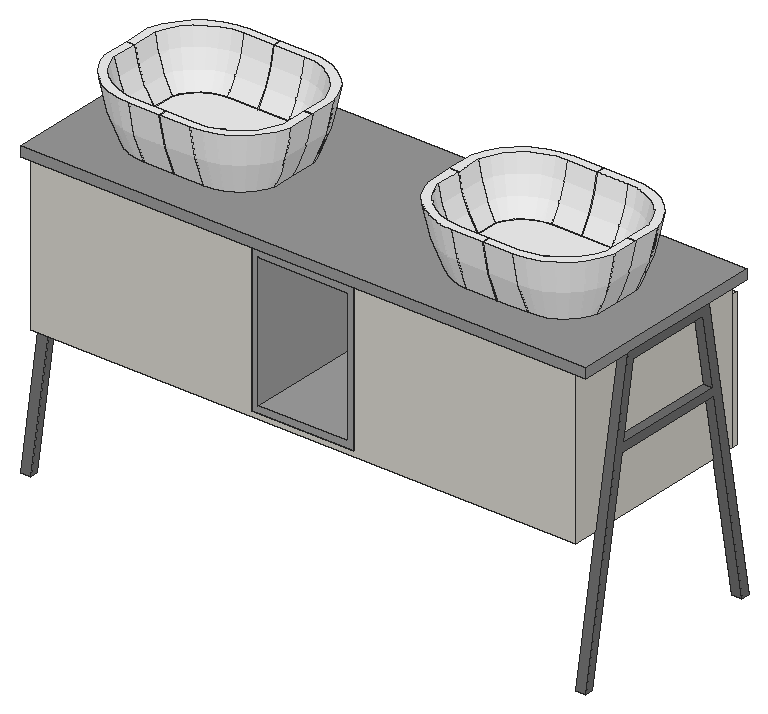
Revit family "LM0166851_Mueble Plus 140 cm con 2 Lavamanos Cascade", category Plumbing Fixtures, host Wall, Revit 2019
Family settings
  Host = Wall
  Round Connector Dimension = Use Diameter
  Part Type = Normal
  OmniClass Number = 23.45.05.14.14
  OmniClass Title = Sinks/Lavatories
  Always vertical = Yes
  Cut with Voids When Loaded = No
  Shared = No
  Room Calculation Point = No
Parameters (values of type "Type 1")
  URL = "https://corona.co/productos/muebles-para-banos/mueble-plus-140-cm-con-2-lavamanos-cascade/p/LM0166851"
  Resistencia a la humedad = "8%"  # constant formula
  Referencia = "LM0166851"  # constant formula
  Profundidad = 500 mm
  Peso Neto aprox = "116,8 lb (53 kg)"  # constant formula
  Peso Bruto aprox = "129,0 lb (58,5 kg)"  # constant formula
  Garantía = "5 años"  # constant formula
  Fecha de creación = "24/07/2020"  # constant formula
  Fabricante = "Corona"  # constant formula
  Dimensiones generales producto (H * W * D) = "28,54” x 55,12” x 19,69” (725 x 1400 x 500 mm)"  # constant formula
  Creado por = "IDD"  # constant formula
  Ancho = 1400 mm
  Alto = 875 mm
  Acabado = Cubo
Reference planes
  plane 1: y = 0
  plane 2 "Center (Left/Right)": x = 125
  plane 3 "Back": y = 75
  plane 4: x = -575
  plane 5: x = 825
  plane 6: y = 575
  plane 7: z = 725
  plane 8: z = 875
  plane 9: x = 800
  plane 10: x = -550
  plane 11: z = 325
  plane 12: x = 251
  plane 13: x = -1
  plane 14: z = 340
  plane 15: x = 236
  plane 16: x = 14
  plane 17: z = 355
  plane 18: y = 560
  plane 19: z = 700
  plane 20: z = 665
  plane 21: x = 525.5
  plane 22: y = 317.5
  plane 23: x = 755.5
  plane 24: x = 295.5
  plane 25: x = -505.5
  plane 26: x = -45.5
  plane 27: x = -275.5
  plane 28: z = 450
  plane 29: z = 550
  plane 30: x = 425.5
  plane 31: x = 625.5
  plane 32: x = -375.5
  plane 33: x = -175.5
Forms (mm)
  Extrusion 1, solid, material "Corona_Madera_Coñac", detail levels medium+fine
    sketch origin (0, 0, 0) x (1, 0, 0) y (0, 1, 0)
      loop
        line (-575, 575) -> (-575, 75) -> (825, 75) -> (825, 575) -> (-575, 575)
    from 700 to 725
  Extrusion 2, solid, material "Corona_Madera_Taupe", detail levels medium+fine
    sketch origin (0, 75, 0) x (1, 0, 0) y (0, 0, 1)
      loop
        line (800, 700) -> (251, 700) -> (251, 340) -> (-1, 340) -> (-1, 700) -> (-550, 700) -> (-550, 325) -> (800, 325) -> (800, 700)
    from -485 to 0
  Extrusion 3, solid, material "Corona_Madera_Aglomerada_Plomo", detail levels medium+fine
    sketch origin (0, 75, 0) x (1, 0, 0) y (0, 0, 1)
      loop
        line (251, 700) -> (-1, 700) -> (-1, 340) -> (251, 340) -> (251, 700)
      loop
        line (236, 685) -> (14, 685) -> (14, 355) -> (236, 355) -> (236, 685)
    from -485 to 0
  Extrusion 4, solid, material "Corona_Madera_Taupe", detail levels medium+fine
    sketch origin (0, 0, 0) x (1, 0, 0) y (0, 1, 0)
      loop
        line (-550, 575) -> (-550, 560) -> (-1, 560) -> (-1, 575) -> (-550, 575)
    from 325 to 665
  Extrusion 5, solid, material "Corona_Madera_Taupe", detail levels medium+fine
    sketch origin (801, 0, 0) x (1, 0, 0) y (0, 1, 0)
      loop
        line (-550, 575) -> (-550, 560) -> (-1, 560) -> (-1, 575) -> (-550, 575)
    from 325 to 665
  Extrusion 6, solid, material "Corona_Madera_Onix", detail levels medium+fine
    sketch origin (100, 0, 0) x (0, 1, 0) y (0, 0, 1)
      loop
        line (455, 700) -> (205, 700) -> (75, 0) -> (95.342, 0) -> (186.02, 488.266) -> (472.026, 488.266) -> (558.12, 0) -> (578.429, 0) -> (455, 700)
      loop
        line (438.218, 680) -> (221.628, 680) -> (189.734, 508.266) -> (468.499, 508.266) -> (438.218, 680)
    from 700 to 725
  Extrusion 7, solid, material "Corona_Madera_Onix", detail levels medium+fine
    sketch origin (-1275, 0, 0) x (0, 1, 0) y (0, 0, 1)
      loop
        line (455, 700) -> (205, 700) -> (75, 0) -> (95.342, 0) -> (186.02, 488.266) -> (472.026, 488.266) -> (558.12, 0) -> (578.429, 0) -> (455, 700)
      loop
        line (438.218, 680) -> (221.628, 680) -> (189.734, 508.266) -> (468.499, 508.266) -> (438.218, 680)
    from 700 to 725
  Sweep 8, solid, material "Corona_Cerámica_Sinterizada", detail levels medium+fine
    path origin (0, 0, 875) x (1, 0, 0) y (0, 1, 0)
      loop
        line (525.5, 505) -> (600.5, 505)
        arc (600.5, 505) -> (698.849, 471.136) -> (755.5, 383.901) r 159.745
        line (755.5, 383.901) -> (755.5, 317.5)
    profile origin (563, 505, 875) x (0, 1, 0) y (0, 0, 1)
      loop
        line (0, 0) -> (-20.179, 0)
        arc (-20.179, 0) -> (-36.72, -63.778) -> (-67.685, -121.937) r 280.472
        line (-67.685, -121.937) -> (-67.685, -150) -> (-45.29, -150)
        arc (-45.29, -150) -> (-16.525, -76.848) -> (0, 0) r 483.194
  Extrusion 9, solid, material "Corona_Cerámica_Sinterizada", detail levels medium+fine
    sketch origin (0, 0, 0) x (1, 0, 0) y (0, 1, 0)
      loop
        arc (450.5, 437.315) -> (396.698, 419.958) -> (363.185, 374.43) r 92.061
        line (363.185, 374.43) -> (363.185, 317.5) -> (363.185, 260.57)
        arc (363.185, 260.57) -> (396.698, 215.042) -> (450.5, 197.685) r 92.061
        line (450.5, 197.685) -> (525.5, 197.685) -> (600.5, 197.685)
        arc (600.5, 197.685) -> (654.302, 215.042) -> (687.815, 260.57) r 92.061
        line (687.815, 260.57) -> (687.815, 317.5) -> (687.815, 374.43)
        arc (687.815, 374.43) -> (654.302, 419.958) -> (600.5, 437.315) r 92.061
        line (600.5, 437.315) -> (525.5, 437.315) -> (450.5, 437.315)
    from 725 to 753.063
  Sweep 10, solid, material "Corona_Cerámica_Sinterizada", detail levels medium+fine
    path origin (1051, 0, 875) x (-1, 0, 0) y (0, -1, 0)
      loop
        line (525.5, -505) -> (600.5, -505)
        arc (600.5, -505) -> (698.849, -471.136) -> (755.5, -383.901) r 159.745
        line (755.5, -383.901) -> (755.5, -317.5)
    profile origin (488, 505, 875) x (0, -1, 0) y (0, 0, 1)
      loop
        arc (0, 0) -> (16.525, -76.848) -> (45.29, -150) r 483.194
        line (45.29, -150) -> (67.685, -150) -> (67.685, -121.937)
        arc (67.685, -121.937) -> (36.72, -63.778) -> (20.179, 0) r 280.472
        line (20.179, 0) -> (0, 0)
  Sweep 11, solid, material "Corona_Cerámica_Sinterizada", detail levels medium+fine
    path origin (1051, 635, 875) x (-1, 0, 0) y (0, -1, 0)
      loop
        line (525.5, 505) -> (600.5, 505)
        arc (600.5, 505) -> (698.849, 471.136) -> (755.5, 383.901) r 159.745
        line (755.5, 383.901) -> (755.5, 317.5)
    profile origin (488, 130, 875) x (0, -1, 0) y (0, 0, 1)
      loop
        line (0, 0) -> (-20.179, 0)
        arc (-20.179, 0) -> (-36.72, -63.778) -> (-67.685, -121.937) r 280.472
        line (-67.685, -121.937) -> (-67.685, -150) -> (-45.29, -150)
        arc (-45.29, -150) -> (-16.525, -76.848) -> (0, 0) r 483.194
  Sweep 12, solid, material "Corona_Cerámica_Sinterizada", detail levels medium+fine
    path origin (0, 635, 875) x (1, 0, 0) y (0, 1, 0)
      loop
        line (525.5, -505) -> (600.5, -505)
        arc (600.5, -505) -> (698.849, -471.136) -> (755.5, -383.901) r 159.745
        line (755.5, -383.901) -> (755.5, -317.5)
    profile origin (563, 130, 875) x (0, 1, 0) y (0, 0, 1)
      loop
        arc (0, 0) -> (16.525, -76.848) -> (45.29, -150) r 483.194
        line (45.29, -150) -> (67.685, -150) -> (67.685, -121.937)
        arc (67.685, -121.937) -> (36.72, -63.778) -> (20.179, 0) r 280.472
        line (20.179, 0) -> (0, 0)
  Extrusion 13, void, detail levels medium+fine
    sketch origin (0, 0, 0) x (1, 0, 0) y (0, 1, 0)
      loop
        circle (525.5, 317.5) r 17
    from 700 to 768.608
  Sweep 14, solid, material "Corona_Cerámica_Sinterizada", not visible, detail levels medium+fine
    path origin (0, 0, 875) x (1, 0, 0) y (0, 1, 0)
      loop
        line (525.5, 505) -> (600.5, 505)
        arc (600.5, 505) -> (698.849, 471.136) -> (755.5, 383.901) r 159.745
        line (755.5, 383.901) -> (755.5, 317.5)
    profile origin (563, 505, 875) x (0, 1, 0) y (0, 0, 1)
      loop
        line (0, 0) -> (-20.179, 0)
        arc (-20.179, 0) -> (-36.72, -63.778) -> (-67.685, -121.937) r 280.472
        line (-67.685, -121.937) -> (-67.685, -150) -> (-45.29, -150)
        arc (-45.29, -150) -> (-16.525, -76.848) -> (0, 0) r 483.194
  Extrusion 15, solid, material "Corona_Cerámica_Sinterizada", not visible, detail levels medium+fine
    sketch origin (0, 0, 0) x (1, 0, 0) y (0, 1, 0)
      loop
        arc (450.5, 437.315) -> (396.698, 419.958) -> (363.185, 374.43) r 92.061
        line (363.185, 374.43) -> (363.185, 317.5) -> (363.185, 260.57)
        arc (363.185, 260.57) -> (396.698, 215.042) -> (450.5, 197.685) r 92.061
        line (450.5, 197.685) -> (525.5, 197.685) -> (600.5, 197.685)
        arc (600.5, 197.685) -> (654.302, 215.042) -> (687.815, 260.57) r 92.061
        line (687.815, 260.57) -> (687.815, 317.5) -> (687.815, 374.43)
        arc (687.815, 374.43) -> (654.302, 419.958) -> (600.5, 437.315) r 92.061
        line (600.5, 437.315) -> (525.5, 437.315) -> (450.5, 437.315)
    from 725 to 753.063
  Sweep 16, solid, material "Corona_Cerámica_Sinterizada", not visible, detail levels medium+fine
    path origin (1051, 0, 875) x (-1, 0, 0) y (0, -1, 0)
      loop
        line (525.5, -505) -> (600.5, -505)
        arc (600.5, -505) -> (698.849, -471.136) -> (755.5, -383.901) r 159.745
        line (755.5, -383.901) -> (755.5, -317.5)
    profile origin (488, 505, 875) x (0, -1, 0) y (0, 0, 1)
      loop
        arc (0, 0) -> (16.525, -76.848) -> (45.29, -150) r 483.194
        line (45.29, -150) -> (67.685, -150) -> (67.685, -121.937)
        arc (67.685, -121.937) -> (36.72, -63.778) -> (20.179, 0) r 280.472
        line (20.179, 0) -> (0, 0)
  Sweep 17, solid, material "Corona_Cerámica_Sinterizada", not visible, detail levels medium+fine
    path origin (1051, 635, 875) x (-1, 0, 0) y (0, -1, 0)
      loop
        line (525.5, 505) -> (600.5, 505)
        arc (600.5, 505) -> (698.849, 471.136) -> (755.5, 383.901) r 159.745
        line (755.5, 383.901) -> (755.5, 317.5)
    profile origin (488, 130, 875) x (0, -1, 0) y (0, 0, 1)
      loop
        line (0, 0) -> (-20.179, 0)
        arc (-20.179, 0) -> (-36.72, -63.778) -> (-67.685, -121.937) r 280.472
        line (-67.685, -121.937) -> (-67.685, -150) -> (-45.29, -150)
        arc (-45.29, -150) -> (-16.525, -76.848) -> (0, 0) r 483.194
  Sweep 18, solid, material "Corona_Cerámica_Sinterizada", not visible, detail levels medium+fine
    path origin (0, 635, 875) x (1, 0, 0) y (0, 1, 0)
      loop
        line (525.5, -505) -> (600.5, -505)
        arc (600.5, -505) -> (698.849, -471.136) -> (755.5, -383.901) r 159.745
        line (755.5, -383.901) -> (755.5, -317.5)
    profile origin (563, 130, 875) x (0, 1, 0) y (0, 0, 1)
      loop
        arc (0, 0) -> (16.525, -76.848) -> (45.29, -150) r 483.194
        line (45.29, -150) -> (67.685, -150) -> (67.685, -121.937)
        arc (67.685, -121.937) -> (36.72, -63.778) -> (20.179, 0) r 280.472
        line (20.179, 0) -> (0, 0)
  Extrusion 19, void, not visible, detail levels medium+fine
    sketch origin (0, 0, 0) x (1, 0, 0) y (0, 1, 0)
      loop
        circle (525.5, 317.5) r 17
    from 700 to 768.608
  Sweep 20, solid, material "Corona_Cerámica_Sinterizada", detail levels medium+fine
    path origin (-801, 0, 875) x (1, 0, 0) y (0, 1, 0)
      loop
        line (525.5, 505) -> (600.5, 505)
        arc (600.5, 505) -> (698.849, 471.136) -> (755.5, 383.901) r 159.745
        line (755.5, 383.901) -> (755.5, 317.5)
    profile origin (-238, 505, 875) x (0, 1, 0) y (0, 0, 1)
      loop
        line (0, 0) -> (-20.179, 0)
        arc (-20.179, 0) -> (-36.72, -63.778) -> (-67.685, -121.937) r 280.472
        line (-67.685, -121.937) -> (-67.685, -150) -> (-45.29, -150)
        arc (-45.29, -150) -> (-16.525, -76.848) -> (0, 0) r 483.194
  Extrusion 21, solid, material "Corona_Cerámica_Sinterizada", detail levels medium+fine
    sketch origin (-801, 0, 0) x (1, 0, 0) y (0, 1, 0)
      loop
        arc (450.5, 437.315) -> (396.698, 419.958) -> (363.185, 374.43) r 92.061
        line (363.185, 374.43) -> (363.185, 317.5) -> (363.185, 260.57)
        arc (363.185, 260.57) -> (396.698, 215.042) -> (450.5, 197.685) r 92.061
        line (450.5, 197.685) -> (525.5, 197.685) -> (600.5, 197.685)
        arc (600.5, 197.685) -> (654.302, 215.042) -> (687.815, 260.57) r 92.061
        line (687.815, 260.57) -> (687.815, 317.5) -> (687.815, 374.43)
        arc (687.815, 374.43) -> (654.302, 419.958) -> (600.5, 437.315) r 92.061
        line (600.5, 437.315) -> (525.5, 437.315) -> (450.5, 437.315)
    from 725 to 753.063
  Sweep 22, solid, material "Corona_Cerámica_Sinterizada", detail levels medium+fine
    path origin (250, 0, 875) x (-1, 0, 0) y (0, -1, 0)
      loop
        line (525.5, -505) -> (600.5, -505)
        arc (600.5, -505) -> (698.849, -471.136) -> (755.5, -383.901) r 159.745
        line (755.5, -383.901) -> (755.5, -317.5)
    profile origin (-313, 505, 875) x (0, -1, 0) y (0, 0, 1)
      loop
        arc (0, 0) -> (16.525, -76.848) -> (45.29, -150) r 483.194
        line (45.29, -150) -> (67.685, -150) -> (67.685, -121.937)
        arc (67.685, -121.937) -> (36.72, -63.778) -> (20.179, 0) r 280.472
        line (20.179, 0) -> (0, 0)
  Sweep 23, solid, material "Corona_Cerámica_Sinterizada", detail levels medium+fine
    path origin (250, 635, 875) x (-1, 0, 0) y (0, -1, 0)
      loop
        line (525.5, 505) -> (600.5, 505)
        arc (600.5, 505) -> (698.849, 471.136) -> (755.5, 383.901) r 159.745
        line (755.5, 383.901) -> (755.5, 317.5)
    profile origin (-313, 130, 875) x (0, -1, 0) y (0, 0, 1)
      loop
        line (0, 0) -> (-20.179, 0)
        arc (-20.179, 0) -> (-36.72, -63.778) -> (-67.685, -121.937) r 280.472
        line (-67.685, -121.937) -> (-67.685, -150) -> (-45.29, -150)
        arc (-45.29, -150) -> (-16.525, -76.848) -> (0, 0) r 483.194
  Sweep 24, solid, material "Corona_Cerámica_Sinterizada", detail levels medium+fine
    path origin (-801, 635, 875) x (1, 0, 0) y (0, 1, 0)
      loop
        line (525.5, -505) -> (600.5, -505)
        arc (600.5, -505) -> (698.849, -471.136) -> (755.5, -383.901) r 159.745
        line (755.5, -383.901) -> (755.5, -317.5)
    profile origin (-238, 130, 875) x (0, 1, 0) y (0, 0, 1)
      loop
        arc (0, 0) -> (16.525, -76.848) -> (45.29, -150) r 483.194
        line (45.29, -150) -> (67.685, -150) -> (67.685, -121.937)
        arc (67.685, -121.937) -> (36.72, -63.778) -> (20.179, 0) r 280.472
        line (20.179, 0) -> (0, 0)
  Extrusion 25, void, detail levels medium+fine
    sketch origin (-801, 0, 0) x (1, 0, 0) y (0, 1, 0)
      loop
        circle (525.5, 317.5) r 17
    from 700 to 768.608
  Extrusion 26, solid, material "Cubo", detail levels coarse
    sketch origin (0, 0, 0) x (1, 0, 0) y (0, 1, 0)
      loop
        line (-575, 578.429) -> (-575, 75) -> (825, 75) -> (825, 578.429) -> (-575, 578.429)
    from 0 to 875
Cuts and joins
  Extrusion 13, Extrusion 25 cuts Extrusion 1
  Extrusion 13, Extrusion 25 cuts Extrusion 2
  Extrusion 13, Extrusion 25 cuts Extrusion 9
  Extrusion 25 cuts Extrusion 21
Text (mm)
  text "Placement side" at (-1787.139, 592.35, 0), in view "Ref. Level"
  text "Placement side" at (0, 1827.695, 2917.686), in view "Left"
  text "Placement side" at (0, 562.268, 3853.606), in view "Right"
Dimensions and locks
  locked: plane 3 "Back" to host wall at 0
  equal spacing: plane 4, plane 2 "Center (Left/Right)", plane 5
  plane 4 to plane 5 = 1400 mm
  plane 3 "Back" to plane 6 = 500 mm
  level to plane 7 = 725 mm
  plane 7 to plane 8 = 150 mm
  "Alto": level to plane 8
  plane 12 to plane 21 to Extrusion 5 = 274.5 mm, 274.5 mm
  locked: Extrusion 3 to Extrusion 2 at 549
  "Profundidad": plane 6 to plane 3 "Back"
  "Ancho": plane 4 to plane 5
  plane 6 to plane 3 "Back" = 500 mm
  level to plane 28 = 450 mm
  level to plane 29 = 550 mm
  aligned and locked: host wall to plane 1
Automatic sketch dimensions
  Extrusion 1 sketch curve to host wall = 0 mm
  Extrusion 1 sketch curve to plane 4 = 0 mm
  Extrusion 1 sketch curve to plane 5 = 0 mm
  Extrusion 1 sketch curve to plane 6 = 0 mm
  Extrusion 4 sketch curve to plane 10 = 0 mm
  Extrusion 4 sketch curve to plane 13 = 0 mm
  Extrusion 4 sketch curve to plane 18 = 0 mm
  Extrusion 4 sketch curve to plane 6 = 0 mm
  Extrusion 6 sketch curve to host wall = 0 mm
  Extrusion 6 sketch curve to level = 0 mm  (x2)
  Extrusion 6 sketch curve to plane 19 = 0 mm
  Extrusion 6 sketch curve to Extrusion 6 sketch curve = 20.342 mm
  host wall to Extrusion 6 sketch curve = 111.02 mm
  Extrusion 6 sketch curve to Extrusion 6 sketch curve = 3.714 mm
  plane 22 to Extrusion 6 sketch curve = 112.5 mm
  Extrusion 6 sketch curve to Extrusion 6 sketch curve = 16.628 mm
  plane 20 to Extrusion 6 sketch curve = 15 mm
  Extrusion 6 sketch curve to plane 22 = 120.718 mm
  Extrusion 6 sketch curve to Extrusion 6 sketch curve = 16.782 mm
  Extrusion 6 sketch curve to plane 18 = 91.501 mm
  Extrusion 6 sketch curve to Extrusion 6 sketch curve = 3.527 mm
  Extrusion 6 sketch curve to plane 18 = 1.88 mm
  plane 6 to Extrusion 6 sketch curve = 3.429 mm
  plane 17 to Extrusion 6 sketch curve = 133.266 mm
  Extrusion 6 sketch curve to Extrusion 6 sketch curve = 20 mm
  Extrusion 7 sketch curve to host wall = 0 mm
  Extrusion 7 sketch curve to level = 0 mm  (x2)
  Extrusion 7 sketch curve to plane 19 = 0 mm
  Extrusion 7 sketch curve to Extrusion 7 sketch curve = 20.342 mm
  host wall to Extrusion 7 sketch curve = 111.02 mm
  Extrusion 7 sketch curve to Extrusion 7 sketch curve = 3.714 mm
  plane 22 to Extrusion 7 sketch curve = 112.5 mm
  Extrusion 7 sketch curve to Extrusion 7 sketch curve = 16.628 mm
  plane 20 to Extrusion 7 sketch curve = 15 mm
  Extrusion 7 sketch curve to plane 22 = 120.718 mm
  Extrusion 7 sketch curve to Extrusion 7 sketch curve = 16.782 mm
  Extrusion 7 sketch curve to plane 18 = 91.501 mm
  Extrusion 7 sketch curve to Extrusion 7 sketch curve = 3.527 mm
  Extrusion 7 sketch curve to plane 18 = 1.88 mm
  plane 6 to Extrusion 7 sketch curve = 3.429 mm
  plane 17 to Extrusion 7 sketch curve = 133.266 mm
  Extrusion 7 sketch curve to Extrusion 7 sketch curve = 20 mm
  Sweep 8 sketch curve to Sweep 8 sketch curve = 66.401 mm
  Sweep 8 sketch curve to profile plane = 0 mm  (x2)
  profile plane to Sweep 8 sketch curve = 20.179 mm
  profile plane to Sweep 8 sketch curve = 45.29 mm
  Sweep 8 sketch curve to Sweep 8 sketch curve = 22.394 mm
  profile plane to Sweep 8 sketch curve = 38.037 mm
  Sweep 8 sketch curve to Sweep 8 sketch curve = 277.88 mm
  profile plane to Sweep 8 sketch curve = 62.818 mm
  Sweep 8 sketch curve to Sweep 8 sketch curve = 181.034 mm
  Extrusion 9 sketch curve to Extrusion 9 sketch curve = 0 mm
  Extrusion 9 sketch curve to Extrusion 9 sketch curve = 56.93 mm  (x3)
  Sweep 10 sketch curve to profile plane = 0 mm  (x2)
  Sweep 10 sketch curve to profile plane = 20.179 mm
  Sweep 10 sketch curve to profile plane = 45.29 mm
  Sweep 10 sketch curve to Sweep 10 sketch curve = 22.394 mm
  profile plane to Sweep 10 sketch curve = 38.037 mm
  Sweep 10 sketch curve to Sweep 10 sketch curve = 277.88 mm
  profile plane to Sweep 10 sketch curve = 62.818 mm
  Sweep 10 sketch curve to Sweep 10 sketch curve = 181.034 mm
  Sweep 11 sketch curve to profile plane = 0 mm  (x2)
  profile plane to Sweep 11 sketch curve = 20.179 mm
  profile plane to Sweep 11 sketch curve = 45.29 mm
  Sweep 11 sketch curve to Sweep 11 sketch curve = 22.394 mm
  profile plane to Sweep 11 sketch curve = 38.037 mm
  Sweep 11 sketch curve to Sweep 11 sketch curve = 277.88 mm
  profile plane to Sweep 11 sketch curve = 62.818 mm
  Sweep 11 sketch curve to Sweep 11 sketch curve = 181.034 mm
  Sweep 12 sketch curve to profile plane = 0 mm  (x2)
  Sweep 12 sketch curve to profile plane = 20.179 mm
  Sweep 12 sketch curve to profile plane = 45.29 mm
  Sweep 12 sketch curve to Sweep 12 sketch curve = 22.394 mm
  profile plane to Sweep 12 sketch curve = 38.037 mm
  Sweep 12 sketch curve to Sweep 12 sketch curve = 277.88 mm
  profile plane to Sweep 12 sketch curve = 62.818 mm
  Sweep 12 sketch curve to Sweep 12 sketch curve = 181.034 mm
  Sweep 8 sketch curve to Sweep 8 sketch curve = 155 mm
  Sweep 8 sketch curve to Sweep 8 sketch curve = 38.646 mm
  Sweep 8 sketch curve to Sweep 8 sketch curve = 75 mm
  Extrusion 9 sketch curve to Extrusion 9 sketch curve = 87.315 mm  (x2)
  Extrusion 9 sketch curve to Extrusion 9 sketch curve = 75 mm  (x4)
  Extrusion 9 sketch curve to Extrusion 9 sketch curve = 62.886 mm  (x2)
  Extrusion 9 sketch curve to Extrusion 9 sketch curve = 55.51 mm  (x2)
  Sweep 10 sketch curve to Sweep 10 sketch curve = 155 mm
  Sweep 10 sketch curve to Sweep 10 sketch curve = 121.099 mm
  Sweep 10 sketch curve to Sweep 10 sketch curve = 75 mm
  Sweep 10 sketch curve to Sweep 10 sketch curve = 66.401 mm
  Sweep 11 sketch curve to Sweep 11 sketch curve = 155 mm
  Sweep 11 sketch curve to Sweep 11 sketch curve = 38.646 mm
  Sweep 11 sketch curve to Sweep 11 sketch curve = 75 mm
  Sweep 11 sketch curve to Sweep 11 sketch curve = 66.401 mm
  Sweep 12 sketch curve to Sweep 12 sketch curve = 155 mm
  Sweep 12 sketch curve to Sweep 12 sketch curve = 121.099 mm
  Sweep 12 sketch curve to Sweep 12 sketch curve = 75 mm
  Sweep 12 sketch curve to Sweep 12 sketch curve = 66.401 mm
  Sweep 14 sketch curve to Sweep 14 sketch curve = 66.401 mm
  Sweep 14 sketch curve to profile plane = 0 mm  (x2)
  profile plane to Sweep 14 sketch curve = 20.179 mm
  profile plane to Sweep 14 sketch curve = 45.29 mm
  Sweep 14 sketch curve to Sweep 14 sketch curve = 22.394 mm
  profile plane to Sweep 14 sketch curve = 38.037 mm
  Sweep 14 sketch curve to Sweep 14 sketch curve = 277.88 mm
  profile plane to Sweep 14 sketch curve = 62.818 mm
  Sweep 14 sketch curve to Sweep 14 sketch curve = 181.034 mm
  Extrusion 15 sketch curve to Extrusion 15 sketch curve = 0 mm
  Extrusion 15 sketch curve to Extrusion 15 sketch curve = 56.93 mm  (x3)
  Sweep 16 sketch curve to profile plane = 0 mm  (x2)
  Sweep 16 sketch curve to profile plane = 20.179 mm
  Sweep 16 sketch curve to profile plane = 45.29 mm
  Sweep 16 sketch curve to Sweep 16 sketch curve = 22.394 mm
  profile plane to Sweep 16 sketch curve = 38.037 mm
  Sweep 16 sketch curve to Sweep 16 sketch curve = 277.88 mm
  profile plane to Sweep 16 sketch curve = 62.818 mm
  Sweep 16 sketch curve to Sweep 16 sketch curve = 181.034 mm
  Sweep 17 sketch curve to profile plane = 0 mm  (x2)
  profile plane to Sweep 17 sketch curve = 20.179 mm
  profile plane to Sweep 17 sketch curve = 45.29 mm
  Sweep 17 sketch curve to Sweep 17 sketch curve = 22.394 mm
  profile plane to Sweep 17 sketch curve = 38.037 mm
  Sweep 17 sketch curve to Sweep 17 sketch curve = 277.88 mm
  profile plane to Sweep 17 sketch curve = 62.818 mm
  Sweep 17 sketch curve to Sweep 17 sketch curve = 181.034 mm
  Sweep 18 sketch curve to profile plane = 0 mm  (x2)
  Sweep 18 sketch curve to profile plane = 20.179 mm
  Sweep 18 sketch curve to profile plane = 45.29 mm
  Sweep 18 sketch curve to Sweep 18 sketch curve = 22.394 mm
  profile plane to Sweep 18 sketch curve = 38.037 mm
  Sweep 18 sketch curve to Sweep 18 sketch curve = 277.88 mm
  profile plane to Sweep 18 sketch curve = 62.818 mm
  Sweep 18 sketch curve to Sweep 18 sketch curve = 181.034 mm
  Sweep 14 sketch curve to Sweep 14 sketch curve = 155 mm
  Sweep 14 sketch curve to Sweep 14 sketch curve = 38.646 mm
  Sweep 14 sketch curve to Sweep 14 sketch curve = 75 mm
  Extrusion 15 sketch curve to Extrusion 15 sketch curve = 87.315 mm  (x2)
  Extrusion 15 sketch curve to Extrusion 15 sketch curve = 75 mm  (x4)
  Extrusion 15 sketch curve to Extrusion 15 sketch curve = 62.886 mm  (x2)
  Extrusion 15 sketch curve to Extrusion 15 sketch curve = 55.51 mm  (x2)
  Sweep 16 sketch curve to Sweep 16 sketch curve = 155 mm
  Sweep 16 sketch curve to Sweep 16 sketch curve = 121.099 mm
  Sweep 16 sketch curve to Sweep 16 sketch curve = 75 mm
  Sweep 16 sketch curve to Sweep 16 sketch curve = 66.401 mm
  Sweep 17 sketch curve to Sweep 17 sketch curve = 155 mm
  Sweep 17 sketch curve to Sweep 17 sketch curve = 38.646 mm
  Sweep 17 sketch curve to Sweep 17 sketch curve = 75 mm
  Sweep 17 sketch curve to Sweep 17 sketch curve = 66.401 mm
  Sweep 18 sketch curve to Sweep 18 sketch curve = 155 mm
  Sweep 18 sketch curve to Sweep 18 sketch curve = 121.099 mm
  Sweep 18 sketch curve to Sweep 18 sketch curve = 75 mm
  Sweep 18 sketch curve to Sweep 18 sketch curve = 66.401 mm
  Sweep 20 sketch curve to Sweep 20 sketch curve = 66.401 mm
  Sweep 20 sketch curve to profile plane = 0 mm  (x2)
  profile plane to Sweep 20 sketch curve = 20.179 mm
  profile plane to Sweep 20 sketch curve = 45.29 mm
  Sweep 20 sketch curve to Sweep 20 sketch curve = 22.394 mm
  profile plane to Sweep 20 sketch curve = 38.037 mm
  Sweep 20 sketch curve to Sweep 20 sketch curve = 277.88 mm
  profile plane to Sweep 20 sketch curve = 62.818 mm
  Sweep 20 sketch curve to Sweep 20 sketch curve = 181.034 mm
  Extrusion 21 sketch curve to Extrusion 21 sketch curve = 0 mm
  Extrusion 21 sketch curve to Extrusion 21 sketch curve = 56.93 mm  (x3)
  Sweep 22 sketch curve to profile plane = 0 mm  (x2)
  Sweep 22 sketch curve to profile plane = 20.179 mm
  Sweep 22 sketch curve to profile plane = 45.29 mm
  Sweep 22 sketch curve to Sweep 22 sketch curve = 22.394 mm
  profile plane to Sweep 22 sketch curve = 38.037 mm
  Sweep 22 sketch curve to Sweep 22 sketch curve = 277.88 mm
  profile plane to Sweep 22 sketch curve = 62.818 mm
  Sweep 22 sketch curve to Sweep 22 sketch curve = 181.034 mm
  Sweep 23 sketch curve to profile plane = 0 mm  (x2)
  profile plane to Sweep 23 sketch curve = 20.179 mm
  profile plane to Sweep 23 sketch curve = 45.29 mm
  Sweep 23 sketch curve to Sweep 23 sketch curve = 22.394 mm
  profile plane to Sweep 23 sketch curve = 38.037 mm
  Sweep 23 sketch curve to Sweep 23 sketch curve = 277.88 mm
  profile plane to Sweep 23 sketch curve = 62.818 mm
  Sweep 23 sketch curve to Sweep 23 sketch curve = 181.034 mm
  Sweep 24 sketch curve to profile plane = 0 mm  (x2)
  Sweep 24 sketch curve to profile plane = 20.179 mm
  Sweep 24 sketch curve to profile plane = 45.29 mm
  Sweep 24 sketch curve to Sweep 24 sketch curve = 22.394 mm
  profile plane to Sweep 24 sketch curve = 38.037 mm
  Sweep 24 sketch curve to Sweep 24 sketch curve = 277.88 mm
  profile plane to Sweep 24 sketch curve = 62.818 mm
  Sweep 24 sketch curve to Sweep 24 sketch curve = 181.034 mm
  Sweep 20 sketch curve to Sweep 20 sketch curve = 155 mm
  Sweep 20 sketch curve to Sweep 20 sketch curve = 38.646 mm
  Sweep 20 sketch curve to Sweep 20 sketch curve = 75 mm
  Extrusion 21 sketch curve to Extrusion 21 sketch curve = 87.315 mm  (x2)
  Extrusion 21 sketch curve to Extrusion 21 sketch curve = 75 mm  (x4)
  Extrusion 21 sketch curve to Extrusion 21 sketch curve = 62.886 mm  (x2)
  Extrusion 21 sketch curve to Extrusion 21 sketch curve = 55.51 mm  (x2)
  Sweep 22 sketch curve to Sweep 22 sketch curve = 155 mm
  Sweep 22 sketch curve to Sweep 22 sketch curve = 121.099 mm
  Sweep 22 sketch curve to Sweep 22 sketch curve = 75 mm
  Sweep 22 sketch curve to Sweep 22 sketch curve = 66.401 mm
  Sweep 23 sketch curve to Sweep 23 sketch curve = 155 mm
  Sweep 23 sketch curve to Sweep 23 sketch curve = 38.646 mm
  Sweep 23 sketch curve to Sweep 23 sketch curve = 75 mm
  Sweep 23 sketch curve to Sweep 23 sketch curve = 66.401 mm
  Sweep 24 sketch curve to Sweep 24 sketch curve = 155 mm
  Sweep 24 sketch curve to Sweep 24 sketch curve = 121.099 mm
  Sweep 24 sketch curve to Sweep 24 sketch curve = 75 mm
  Sweep 24 sketch curve to Sweep 24 sketch curve = 66.401 mm
  Extrusion 2 sketch curve to plane 10 = 0 mm
  Extrusion 2 sketch curve to plane 13 = 0 mm
  Extrusion 2 sketch curve to plane 12 = 0 mm
  Extrusion 2 sketch curve to plane 9 = 0 mm
  Extrusion 2 sketch curve to plane 11 = 0 mm
  Extrusion 2 sketch curve to plane 14 = 0 mm
  Extrusion 2 sketch curve to plane 19 = 0 mm  (x2)
  Extrusion 3 sketch curve to plane 13 = 0 mm
  Extrusion 3 sketch curve to plane 16 = 0 mm
  Extrusion 3 sketch curve to plane 15 = 0 mm
  Extrusion 3 sketch curve to plane 12 = 0 mm
  Extrusion 3 sketch curve to plane 14 = 0 mm
  Extrusion 3 sketch curve to plane 17 = 0 mm
  Extrusion 3 sketch curve to plane 19 = 0 mm
  Extrusion 3 sketch curve to plane 19 = 15 mm
  Extrusion 5 sketch curve to plane 12 = 0 mm
  Extrusion 5 sketch curve to plane 9 = 0 mm
  Extrusion 5 sketch curve to plane 18 = 0 mm
  Extrusion 5 sketch curve to plane 6 = 0 mm
  Extrusion 26 sketch curve to host wall = 0 mm
  Extrusion 26 sketch curve to plane 4 = 0 mm
  Extrusion 26 sketch curve to plane 5 = 0 mm
  plane 6 to Extrusion 26 sketch curve = 3.429 mm
  radius of Extrusion 13 sketch curve = 17 mm
  radius of Extrusion 19 sketch curve = 17 mm
  radius of Extrusion 25 sketch curve = 17 mm
Nested families
  nested 1: "Family2" at (825, 75, 0), type "Family2", detail levels coarse
  nested 2: "Family3" at (-575, 75, 0) x (-1, 0, 0) z (0, -1, 0), type "Family3", detail levels coarse
  nested 3: "Family4" at (125, 65.082, 0) x (0, -1, 0) z (1, 0, 0), type "Family4", detail levels coarse
Connectors
  piping at (-275.5, 75, 450), diameter 50
    settings: on host wall, index 2, connector inside diameter 609.6 mm, connector length 0 mm, flow factor 0, pipe flow 0.0 L/s, pressure drop 0.0 Pa, fitting loss kfactor 0, connector angle 0.00°, fixture units 0, engagement length 0 mm, angle of deflection 0.00°, flow configuration 0, flow direction 0, fitting loss method 0, system type 16, joint type 0, gender type 0, connector reference index -1, connector utility 0, adjustable connector no, is connector primary yes, connector description ""
  piping at (525.5, 75, 450), diameter 50
    settings: on host wall, index 3, connector inside diameter 609.6 mm, connector length 0 mm, flow factor 0, pipe flow 0.0 L/s, pressure drop 0.0 Pa, fitting loss kfactor 0, connector angle 0.00°, fixture units 0, engagement length 0 mm, angle of deflection 0.00°, flow configuration 0, flow direction 0, fitting loss method 0, system type 16, joint type 0, gender type 0, connector reference index -1, connector utility 0, adjustable connector no, is connector primary no, connector description ""
  piping at (-175.5, 75, 550), diameter 15
    settings: on host wall, index 4, connector inside diameter 609.6 mm, connector length 0 mm, flow factor 0, pipe flow 0.0 L/s, pressure drop 0.0 Pa, fitting loss kfactor 0, connector angle 0.00°, fixture units 0, engagement length 0 mm, angle of deflection 0.00°, flow configuration 0, flow direction 0, fitting loss method 0, system type 19, joint type 0, gender type 0, connector reference index -1, connector utility 0, adjustable connector no, is connector primary no, connector description ""
  piping at (-375.5, 75, 550), diameter 15
    settings: on host wall, index 5, connector inside diameter 609.6 mm, connector length 0 mm, flow factor 0, pipe flow 0.0 L/s, pressure drop 0.0 Pa, fitting loss kfactor 0, connector angle 0.00°, fixture units 0, engagement length 0 mm, angle of deflection 0.00°, flow configuration 0, flow direction 0, fitting loss method 0, system type 20, joint type 0, gender type 0, connector reference index -1, connector utility 0, adjustable connector no, is connector primary no, connector description ""
  piping at (625.5, 75, 550), diameter 15
    settings: on host wall, index 6, connector inside diameter 609.6 mm, connector length 0 mm, flow factor 0, pipe flow 0.0 L/s, pressure drop 0.0 Pa, fitting loss kfactor 0, connector angle 0.00°, fixture units 0, engagement length 0 mm, angle of deflection 0.00°, flow configuration 0, flow direction 0, fitting loss method 0, system type 19, joint type 0, gender type 0, connector reference index -1, connector utility 0, adjustable connector no, is connector primary no, connector description ""
  piping at (425.5, 75, 550), diameter 15
    settings: on host wall, index 7, connector inside diameter 609.6 mm, connector length 0 mm, flow factor 0, pipe flow 0.0 L/s, pressure drop 0.0 Pa, fitting loss kfactor 0, connector angle 0.00°, fixture units 0, engagement length 0 mm, angle of deflection 0.00°, flow configuration 0, flow direction 0, fitting loss method 0, system type 20, joint type 0, gender type 0, connector reference index -1, connector utility 0, adjustable connector no, is connector primary no, connector description ""
Definition of nested family "Family2"
  Reference planes
    plane 1 "Center (Front/Back)": y = 0
    plane 2: z = 0
    plane 3 "Center (Left/Right)": x = 0
  Lines and regions (mm)
    detail lines, in view "Ref. Level"
      curve 1: line (0, 0, 0) -> (-1400, 0, 0)
      curve 2: line (-1400, 0, 0) -> (-1400, 500, 0)
      curve 3: line (-1400, 500, 0) -> (0, 500, 0)
      curve 4: line (0, 500, 0) -> (0, 0, 0)
      curve 5: circle (-300, 250, 0) r 20 normal (0, 0, 1)
      curve 6: circle (-300, 250, 0) r 35 normal (0, 0, 1)
      curve 7: arc (-499.594, 304.613, 0) -> (-469.739, 367.623, 0) -> (-408.803, 401.512, 0) r 114.147
      curve 8: arc (-408.803, 401.512, 0) -> (-354.644, 408.786, 0) -> (-300, 409.121, 0) r 429.343
      curve 9: arc (-499.594, 304.613, 0) -> (-502.355, 277.366, 0) -> (-503.413, 250, 0) r 439.682
      curve 10: arc (-100.406, 304.613, 0) -> (-130.261, 367.623, 0) -> (-191.197, 401.512, 0) r 114.147
      curve 11: arc (-191.197, 401.512, 0) -> (-245.356, 408.786, 0) -> (-300, 409.121, 0) r 429.343
      curve 12: arc (-100.406, 304.613, 0) -> (-97.645, 277.366, 0) -> (-96.587, 250, 0) r 439.682
      curve 13: arc (-100.406, 195.387, 0) -> (-130.261, 132.377, 0) -> (-191.197, 98.488, 0) r 114.147
      curve 14: arc (-191.197, 98.488, 0) -> (-245.356, 91.214, 0) -> (-300, 90.879, 0) r 429.343
      curve 15: arc (-100.406, 195.387, 0) -> (-97.645, 222.634, 0) -> (-96.587, 250, 0) r 439.682
      curve 16: arc (-499.594, 195.387, 0) -> (-469.739, 132.377, 0) -> (-408.803, 98.488, 0) r 114.147
      curve 17: arc (-408.803, 98.488, 0) -> (-354.644, 91.214, 0) -> (-300, 90.879, 0) r 429.343
      curve 18: arc (-499.594, 195.387, 0) -> (-502.355, 222.634, 0) -> (-503.413, 250, 0) r 439.682
      curve 19: arc (-519.42, 307.248, 0) -> (-484.333, 381.298, 0) -> (-412.721, 421.125, 0) r 134.147
      curve 20: arc (-412.721, 421.125, 0) -> (-356.614, 428.696, 0) -> (-300, 429.152, 0) r 449.343
      curve 21: arc (-187.279, 421.125, 0) -> (-243.386, 428.696, 0) -> (-300, 429.152, 0) r 449.343
      curve 22: arc (-80.58, 307.248, 0) -> (-115.667, 381.298, 0) -> (-187.279, 421.125, 0) r 134.147
      curve 23: arc (-80.58, 307.248, 0) -> (-77.689, 278.686, 0) -> (-76.586, 250, 0) r 459.682
      curve 24: arc (-80.58, 192.752, 0) -> (-77.689, 221.314, 0) -> (-76.586, 250, 0) r 459.682
      curve 25: arc (-80.58, 192.752, 0) -> (-115.667, 118.702, 0) -> (-187.279, 78.875, 0) r 134.147
      curve 26: arc (-187.279, 78.875, 0) -> (-243.386, 71.304, 0) -> (-300, 70.848, 0) r 449.343
      curve 27: arc (-412.721, 78.875, 0) -> (-356.614, 71.304, 0) -> (-300, 70.848, 0) r 449.343
      curve 28: arc (-519.42, 192.752, 0) -> (-484.333, 118.702, 0) -> (-412.721, 78.875, 0) r 134.147
      curve 29: arc (-519.42, 192.752, 0) -> (-522.311, 221.314, 0) -> (-523.414, 250, 0) r 459.682
      curve 30: arc (-519.42, 307.248, 0) -> (-522.311, 278.686, 0) -> (-523.414, 250, 0) r 459.682
      curve 31: circle (-1100, 250, 0) r 20 normal (0, 0, -1)
      curve 32: circle (-1100, 250, 0) r 35 normal (0, 0, -1)
      curve 33: arc (-900.406, 304.613, 0) -> (-930.261, 367.623, 0) -> (-991.197, 401.512, 0) r 114.147
      curve 34: arc (-991.197, 401.512, 0) -> (-1045.356, 408.786, 0) -> (-1100, 409.121, 0) r 429.343
      curve 35: arc (-900.406, 304.613, 0) -> (-897.645, 277.366, 0) -> (-896.587, 250, 0) r 439.682
      curve 36: arc (-1299.594, 304.613, 0) -> (-1269.739, 367.623, 0) -> (-1208.803, 401.512, 0) r 114.147
      curve 37: arc (-1208.803, 401.512, 0) -> (-1154.644, 408.786, 0) -> (-1100, 409.121, 0) r 429.343
      curve 38: arc (-1299.594, 304.613, 0) -> (-1302.355, 277.366, 0) -> (-1303.413, 250, 0) r 439.682
      curve 39: arc (-1299.594, 195.387, 0) -> (-1269.739, 132.377, 0) -> (-1208.803, 98.488, 0) r 114.147
      curve 40: arc (-1208.803, 98.488, 0) -> (-1154.644, 91.214, 0) -> (-1100, 90.879, 0) r 429.343
      curve 41: arc (-1299.594, 195.387, 0) -> (-1302.355, 222.634, 0) -> (-1303.413, 250, 0) r 439.682
      curve 42: arc (-900.406, 195.387, 0) -> (-930.261, 132.377, 0) -> (-991.197, 98.488, 0) r 114.147
      curve 43: arc (-991.197, 98.488, 0) -> (-1045.356, 91.214, 0) -> (-1100, 90.879, 0) r 429.343
      curve 44: arc (-900.406, 195.387, 0) -> (-897.645, 222.634, 0) -> (-896.587, 250, 0) r 439.682
      curve 45: arc (-880.58, 307.248, 0) -> (-915.667, 381.298, 0) -> (-987.279, 421.125, 0) r 134.147
      curve 46: arc (-987.279, 421.125, 0) -> (-1043.386, 428.696, 0) -> (-1100, 429.152, 0) r 449.343
      curve 47: arc (-1212.721, 421.125, 0) -> (-1156.614, 428.696, 0) -> (-1100, 429.152, 0) r 449.343
      curve 48: arc (-1319.42, 307.248, 0) -> (-1284.333, 381.298, 0) -> (-1212.721, 421.125, 0) r 134.147
      curve 49: arc (-1319.42, 307.248, 0) -> (-1322.311, 278.686, 0) -> (-1323.414, 250, 0) r 459.682
      curve 50: arc (-1319.42, 192.752, 0) -> (-1322.311, 221.314, 0) -> (-1323.414, 250, 0) r 459.682
      curve 51: arc (-1319.42, 192.752, 0) -> (-1284.333, 118.702, 0) -> (-1212.721, 78.875, 0) r 134.147
      curve 52: arc (-1212.721, 78.875, 0) -> (-1156.614, 71.304, 0) -> (-1100, 70.848, 0) r 449.343
      curve 53: arc (-987.279, 78.875, 0) -> (-1043.386, 71.304, 0) -> (-1100, 70.848, 0) r 449.343
      curve 54: arc (-880.58, 192.752, 0) -> (-915.667, 118.702, 0) -> (-987.279, 78.875, 0) r 134.147
      curve 55: arc (-880.58, 192.752, 0) -> (-877.689, 221.314, 0) -> (-876.586, 250, 0) r 459.682
      curve 56: arc (-880.58, 307.248, 0) -> (-877.689, 278.686, 0) -> (-876.586, 250, 0) r 459.682
Definition of nested family "Family3"
  Reference planes
    plane 1 "Center (Front/Back)": y = 0
    plane 2: z = 0
    plane 3 "Center (Left/Right)": x = 0
  Lines and regions (mm)
    detail lines, in view "Ref. Level"
      curve 1: line (0, 0, 0) -> (0, 725, 0)
      curve 2: line (0, 725, 0) -> (-1400, 725, 0)
      curve 3: line (-1400, 725, 0) -> (-1400, 0, 0)
      curve 4: line (-1400, 0, 0) -> (-1375, 0, 0)
      curve 5: line (-25, 0, 0) -> (-25, 700, 0)
      curve 6: line (-1375, 700, 0) -> (-1375, 0, 0)
      curve 7: line (0, 700, 0) -> (-1400, 700, 0)
      curve 8: line (-25, 0, 0) -> (0, 0, 0)
      curve 9: line (-25, 325, 0) -> (-1375, 325, 0)
      curve 10: line (-25, 665, 0) -> (-1375, 665, 0)
      curve 11: line (-826, 665, 0) -> (-826, 325, 0)
      curve 12: line (-574, 325, 0) -> (-574, 665, 0)
      curve 13: line (-811, 665, 0) -> (-811, 340, 0)
      curve 14: line (-589, 340, 0) -> (-589, 665, 0)
      curve 15: line (-574, 340, 0) -> (-826, 340, 0)
      curve 16: line (-589, 355, 0) -> (-811, 355, 0)
      curve 17: line (-589, 650, 0) -> (-811, 650, 0)
      curve 18: line (-40, 665, 0) -> (-40, 700, 0)
      curve 19: line (-1360, 700, 0) -> (-1360, 665, 0)
      curve 20: line (-70, 875, 0) -> (-530, 875, 0)
      curve 21: arc (-1330, 875, 0) -> (-1321.526, 798.413, 0) -> (-1298.117, 725, 0) r 388.838
      curve 22: arc (-870, 875, 0) -> (-878.474, 798.413, 0) -> (-901.883, 725, 0) r 388.838
      curve 23: arc (-530, 875, 0) -> (-521.526, 798.413, 0) -> (-498.117, 725, 0) r 388.838
      curve 24: arc (-70, 875, 0) -> (-78.474, 798.413, 0) -> (-101.883, 725, 0) r 388.838
      curve 25: line (-870, 875, 0) -> (-1330, 875, 0)
Definition of nested family "Family4"
  Reference planes
    plane 1 "Center (Front/Back)": y = 0
    plane 2: z = 0
    plane 3 "Center (Left/Right)": x = 0
  Lines and regions (mm)
    detail lines, in view "Ref. Level"
      curve 1: line (0, 325, 0) -> (0, 725, 0)
      curve 2: line (0, 725, 0) -> (-500, 725, 0)
      curve 3: line (-500, 725, 0) -> (-500, 700, 0)
      curve 4: line (-500, 325, 0) -> (-451.123, 325, 0)
      curve 5: line (0, 700, 0) -> (-500, 700, 0)
      curve 6: line (-485, 700, 0) -> (-485, 325, 0)
      curve 7: line (0, 665, 0) -> (-127.175, 665, 0)
      curve 8: line (-500, 665, 0) -> (-500, 325, 0)
      curve 9: line (-485, 0, 0) -> (-399.912, 482.556, 0)
      curve 10: line (-385, 700, 0) -> (-391.171, 665, 0)
      curve 11: line (-508.429, 0, 0) -> (-485, 0, 0)
      curve 12: line (-33.346, 0, 0) -> (-118.434, 482.556, 0)
      curve 13: line (-133.346, 700, 0) -> (-9.918, 0, 0)
      curve 14: line (-9.918, 0, 0) -> (-33.346, 0, 0)
      curve 15: line (-366.051, 674.593, 0) -> (-152.295, 674.593, 0)
      curve 16: line (-396.439, 502.252, 0) -> (-121.907, 502.252, 0)
      curve 17: line (-399.912, 482.556, 0) -> (-118.434, 482.556, 0)
      curve 18: line (-62, 875, 0) -> (-438, 875, 0)
      curve 19: line (-391.171, 665, 0) -> (-508.429, 0, 0)
      curve 20: line (-391.171, 665, 0) -> (-500, 665, 0)
      curve 21: line (-150.604, 665, 0) -> (-367.743, 665, 0)
      curve 22: line (-396.439, 502.252, 0) -> (-366.051, 674.593, 0)
      curve 23: line (-121.907, 502.252, 0) -> (-152.295, 674.593, 0)
      curve 24: line (-427.694, 325, 0) -> (-90.653, 325, 0)
      curve 25: line (-67.224, 325, 0) -> (0, 325, 0)
      curve 26: arc (-438, 875, 0) -> (-429.542, 799.16, 0) -> (-411.551, 725, 0) r 601.592
      curve 27: arc (-62, 875, 0) -> (-70.458, 799.16, 0) -> (-88.449, 725, 0) r 601.592
